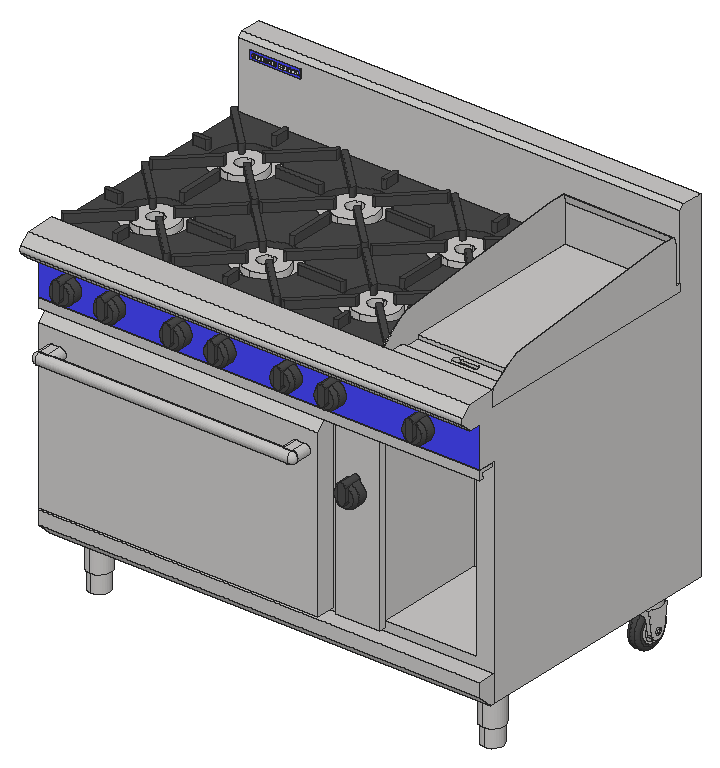
Revit family "QF_MOFFAT_BLUESEAL_CE_G58C", category Specialty Equipment, Revit 2012
Parameters
  Width = 1200 mm
  Weight in Pounds = 584
  Watts = 130 W
  Volts = 230 V
  URL Cutsheet = "www.moffat.com"
  URL = "www.moffat.com"
  Type Mark [instance] = ""
  Status [instance] = ""
  Specification by User [instance] = ""
  Specification by Manufacturer = ""
  Show Logo [instance] = yes
  Show Clearance [instance] = yes
  Show Casters [instance] = yes
  Serial Number = ""
  Seismic Rating = ""
  SMACNA No = ""
  Revision Code [instance] = ""
  Phase = 1
  Omniclass Number and Title = ""
  Number of Poles [instance] = 1
  NAFEM Spec ID Number = ""
  Model = "G58C"
  Min Ckt Ampacity = 0 A
  Mechanical Remarks = ""
  Mechanical Connection Type [instance] = ""
  Max Overcurrent Protection = 0 A
  Masterspec = ""
  Manufacturer = "MOFFAT BLUESEAL"
  Legs [instance] = not(Show Casters)  # no
  Item Number [instance] = ""
  Installed By [instance] = ""
  Identify Quantity as Lot [instance] = yes
  Height = 970 mm
  HP = ""
  Gas Size = 3/4"
  Gas RI Height [instance] = 0 mm
  Gas KW [instance] = 60.5
  Gas Input [instance] = 206624.0 Btu/h
  Gas Connection Height = 0 mm
  Furnished By [instance] = ""
  Foodservice Equipment Identifier [instance] = yes
  FL Amps = 0.6 A
  Electrical Remarks = ""
  Electric Connection Type = ""
  Elec Conn RI Height = 0 mm
  Elec Conn Connection Height = 0 mm
  Description = "1200MM GAS RANGE WITH CONVECTION OVEN"
  Depth = 812 mm
  Cycle = 60 Hz
  Conn Plug = ""
  Conn Conduit = yes
  CSI MasterFormat = ""
  CSI Master Format = ""
  Body Finish = QF_Finishes_Stainless Steel
  Apparent Power = 0 VA
Reference planes
  plane 1 "BACK": y = 0
  plane 2: z = 0
  plane 3 "LEFT": x = 0
  plane 4 "RIGHT": x = 1200
  plane 5 "FRONT": y = -812
  plane 6 "TOP": z = 970
  plane 7 "Center Y": x = 600
  plane 8 "Center X": y = -406
  plane 9: x = 280
  plane 10: y = -574.272
  plane 11: x = 60
  plane 12: y = -304.972
  plane 13: y = -364.972
  plane 14: x = 74
  plane 15: y = -812
  plane 16: x = 1134.5
  plane 17: y = -32
  plane 18: z = 655
  plane 19: x = 65.5
  plane 20: x = 65.8
  plane 21: z = 1085
  plane 22: y = -705
Forms (mm)
  Extrusion 1, solid, material "QF_Finishes_Stainless Steel" <- "Body Finish"
    sketch origin (0, 0, 0) x (0, 1, 0) y (0, 0, 1)
      loop
        line (0, 150) -> (0, 1085) -> (-57.5, 1085) -> (-70, 1072.5) -> (-70, 875) -> (-705, 875) -> (-705, 915) -> (-783.97, 915) -> (-808.49, 890.48)
        arc (-808.49, 890.48) -> (-812.002, 882) -> (-808.49, 873.52) r 11.993
        line (-808.49, 873.52) -> (-784.97, 850) -> (-749, 850) -> (-749, 740) -> (-699, 740) -> (-699, 150) -> (0, 150)
      loop
        line (-749, 222.5) -> (-749, 186) -> (-713, 150) -> (-703.2, 150) -> (-703.2, 222.5) -> (-749, 222.5)
      loop
        line (-749, 713.781) -> (-740.224, 713.781) -> (-742.613, 730.781) -> (-707.93, 730.781) -> (-707.93, 737.784) -> (-749, 737.784) -> (-749, 713.781)
    from 0 to 1200
  Extrusion 2, solid, material "QF_Finishes_Stainless Steel"
    sketch origin (0, 7, 0) x (0, 1, 0) y (0, 0, 1)
      loop
        line (-706, 700) -> (-732, 700) -> (-756, 676) -> (-756, 227.5) -> (-706, 227.5) -> (-706, 700)
    from 0 to 760
  Extrusion 3, solid, material "QF_Finishes_Stainless Steel"
    sketch origin (723.5, 7, 0) x (0, 1, 0) y (0, 0, 1)
      loop
        line (-706, 700) -> (-721, 700) -> (-721, 227.5) -> (-706, 227.5) -> (-706, 700)
    from 56.898 to 176.5
  Revolve 4, solid, material "QF_Finishes_Stainless Steel" <- "Body Finish"
    sketch origin (1134.5, -696.126, 0) x (0, 1, 0) y (0, 0, -1)
      loop
        line (39.376, -150) -> (71.126, -150) -> (71.126, 0) -> (43.626, 0) -> (43.626, -50) -> (39.376, -50) -> (39.376, -150)
      axis (71.126, -150) -> (71.126, 0)
    angle from 0 to 360
  Revolve 5, solid, material "QF_Finishes_Stainless Steel" <- "Body Finish"
    sketch origin (65.5, -696.126, 0) x (0, 1, 0) y (0, 0, 1)
      loop
        line (39.376, 150) -> (39.376, 50) -> (43.626, 50) -> (43.626, 0) -> (71.126, 0) -> (71.126, 150) -> (39.376, 150)
      axis (71.126, 150) -> (71.126, 0)
    angle from 0 to 360
  Extrusion 6, solid, material "QF_Finishes_Stainless Steel"
    sketch origin (-64.5, 0, 325) x (1, 0, 0) y (0, 1, 0)
      loop
        circle (1134.5, -32) r 10
    from 330 to 374.856
  Extrusion 7, void
    sketch origin (0, -699, 150) x (0, 0, -1) y (-1, 0, 0)
      loop
        line (-529.781, -900) -> (-529.781, -1150) -> (-96, -1150) -> (-96, -900) -> (-529.781, -900)
    from 0 to 304.8
  Extrusion 8, solid, material "QF_Finishes_Black"
    sketch origin (0, -70, 875) x (0, -1, 0) y (1, 0, 0)
      loop
        arc (1, 4) -> (1.879, 1.879) -> (4, 1) r 3
        line (4, 1) -> (632, 1)
        arc (632, 1) -> (634.121, 1.879) -> (635, 4) r 3
        line (635, 4) -> (635, 897)
        arc (635, 897) -> (634.121, 899.121) -> (632, 900) r 3
        line (632, 900) -> (4, 900)
        arc (4, 900) -> (1.879, 899.121) -> (1, 897) r 3
        line (1, 897) -> (1, 4)
      loop
        circle (167.5, 150) r 85
      loop
        circle (167.5, 450) r 85
      loop
        circle (467.768, 150) r 85
      loop
        circle (467.768, 450) r 85
      loop
        circle (167.5, 750) r 85
      loop
        circle (467.768, 750) r 85
    from 0 to 19.5
  Extrusion 9, solid, material "QF_Finishes_Black"
    sketch origin (0, -70, 894.5) x (0, -1, 0) y (1, 0, 0)
      loop
        spline (327.102, 15.153) -> (326.181, 13.924) -> (325.631, 12.47) -> (325.49, 10.89) -> (325.767, 9.292) -> (326.443, 7.786) -> (327.473, 6.473) -> (328.786, 5.443) -> (330.292, 4.767) -> (331.89, 4.49) -> (333.47, 4.631) -> (334.924, 5.181) -> (336.153, 6.102)
        line (336.153, 6.102) -> (444.076, 114.025)
        spline (444.076, 114.025) -> (444.837, 115.095) -> (445.238, 116.399) -> (445.251, 117.851) -> (444.875, 119.35) -> (444.137, 120.795) -> (443.086, 122.086) -> (441.795, 123.137) -> (440.35, 123.875) -> (438.851, 124.251) -> (437.399, 124.238) -> (436.095, 123.837) -> (435.025, 123.076)
        line (435.025, 123.076) -> (327.102, 15.153)
      loop
        line (611.398, 15.153) -> (503.475, 123.076)
        spline (503.475, 123.076) -> (502.405, 123.837) -> (501.101, 124.238) -> (499.649, 124.251) -> (498.15, 123.875) -> (496.705, 123.137) -> (495.414, 122.086) -> (494.363, 120.795) -> (493.625, 119.35) -> (493.249, 117.851) -> (493.262, 116.399) -> (493.663, 115.095) -> (494.424, 114.025)
        line (494.424, 114.025) -> (602.347, 6.102)
        spline (602.347, 6.102) -> (603.416, 5.341) -> (604.721, 4.941) -> (606.172, 4.928) -> (607.671, 5.303) -> (609.116, 6.041) -> (610.408, 7.092) -> (611.459, 8.384) -> (612.197, 9.829) -> (612.572, 11.328) -> (612.559, 12.779) -> (612.159, 14.084) -> (611.398, 15.153)
      loop
        spline (379.102, 143.6) -> (380.396, 143.818) -> (381.602, 144.457) -> (382.638, 145.475) -> (383.432, 146.8) -> (383.932, 148.344) -> (384.102, 150) -> (383.932, 151.656) -> (383.432, 153.2) -> (382.638, 154.525) -> (381.602, 155.543) -> (380.396, 156.182) -> (379.102, 156.4)
        line (379.102, 156.4) -> (259.398, 156.4)
        spline (259.398, 156.4) -> (258.104, 156.182) -> (256.898, 155.543) -> (255.862, 154.525) -> (255.068, 153.2) -> (254.568, 151.656) -> (254.398, 150) -> (254.568, 148.344) -> (255.068, 146.8) -> (255.862, 145.475) -> (256.898, 144.457) -> (258.104, 143.818) -> (259.398, 143.6)
        line (259.398, 143.6) -> (379.102, 143.6)
      loop
        spline (23.602, 15.153) -> (22.681, 13.924) -> (22.131, 12.47) -> (21.99, 10.89) -> (22.267, 9.292) -> (22.943, 7.786) -> (23.973, 6.473) -> (25.286, 5.443) -> (26.792, 4.767) -> (28.39, 4.49) -> (29.97, 4.631) -> (31.424, 5.181) -> (32.653, 6.102)
        line (32.653, 6.102) -> (140.576, 114.025)
        spline (140.576, 114.025) -> (141.337, 115.095) -> (141.738, 116.399) -> (141.751, 117.851) -> (141.375, 119.35) -> (140.637, 120.795) -> (139.586, 122.086) -> (138.295, 123.137) -> (136.85, 123.875) -> (135.351, 124.251) -> (133.899, 124.238) -> (132.595, 123.837) -> (131.525, 123.076)
        line (131.525, 123.076) -> (23.602, 15.153)
      loop
        line (311.398, 15.153) -> (203.475, 123.076)
        spline (203.475, 123.076) -> (202.405, 123.837) -> (201.101, 124.238) -> (199.649, 124.251) -> (198.15, 123.875) -> (196.705, 123.137) -> (195.414, 122.086) -> (194.363, 120.795) -> (193.625, 119.35) -> (193.249, 117.851) -> (193.262, 116.399) -> (193.663, 115.095) -> (194.424, 114.025)
        line (194.424, 114.025) -> (302.347, 6.102)
        spline (302.347, 6.102) -> (303.416, 5.341) -> (304.721, 4.941) -> (306.172, 4.928) -> (307.671, 5.303) -> (309.116, 6.041) -> (310.408, 7.092) -> (311.459, 8.384) -> (312.197, 9.829) -> (312.572, 11.328) -> (312.559, 12.779) -> (312.159, 14.084) -> (311.398, 15.153)
      loop
        line (327.102, 284.847) -> (435.025, 176.924)
        spline (435.025, 176.924) -> (436.095, 176.163) -> (437.399, 175.762) -> (438.851, 175.749) -> (440.35, 176.125) -> (441.795, 176.863) -> (443.086, 177.914) -> (444.137, 179.205) -> (444.875, 180.65) -> (445.251, 182.149) -> (445.238, 183.601) -> (444.837, 184.905) -> (444.076, 185.975)
        line (444.076, 185.975) -> (336.153, 293.898)
        spline (336.153, 293.898) -> (334.924, 294.819) -> (333.47, 295.369) -> (331.89, 295.51) -> (330.292, 295.233) -> (328.786, 294.557) -> (327.473, 293.527) -> (326.443, 292.214) -> (325.767, 290.708) -> (325.49, 289.11) -> (325.631, 287.53) -> (326.181, 286.076) -> (327.102, 284.847)
      loop
        spline (611.398, 284.847) -> (612.159, 285.916) -> (612.559, 287.221) -> (612.572, 288.672) -> (612.197, 290.171) -> (611.459, 291.616) -> (610.408, 292.908) -> (609.116, 293.959) -> (607.671, 294.697) -> (606.172, 295.072) -> (604.721, 295.059) -> (603.416, 294.659) -> (602.347, 293.898)
        line (602.347, 293.898) -> (494.424, 185.975)
        spline (494.424, 185.975) -> (493.663, 184.905) -> (493.262, 183.601) -> (493.249, 182.149) -> (493.625, 180.65) -> (494.363, 179.205) -> (495.414, 177.914) -> (496.705, 176.863) -> (498.15, 176.125) -> (499.649, 175.749) -> (501.101, 175.762) -> (502.405, 176.163) -> (503.475, 176.924)
        line (503.475, 176.924) -> (611.398, 284.847)
      loop
        spline (461.1, 241.898) -> (461.318, 240.604) -> (461.957, 239.398) -> (462.975, 238.362) -> (464.3, 237.568) -> (465.844, 237.068) -> (467.5, 236.898) -> (469.156, 237.068) -> (470.7, 237.568) -> (472.025, 238.362) -> (473.043, 239.398) -> (473.682, 240.604) -> (473.9, 241.898)
        line (473.9, 241.898) -> (473.9, 358.102)
        spline (473.9, 358.102) -> (473.682, 359.396) -> (473.043, 360.602) -> (472.025, 361.638) -> (470.7, 362.432) -> (469.156, 362.932) -> (467.5, 363.102) -> (465.844, 362.932) -> (464.3, 362.432) -> (462.975, 361.638) -> (461.957, 360.602) -> (461.318, 359.396) -> (461.1, 358.102)
        line (461.1, 358.102) -> (461.1, 241.898)
      loop
        line (23.602, 284.847) -> (131.525, 176.924)
        spline (131.525, 176.924) -> (132.595, 176.163) -> (133.899, 175.762) -> (135.351, 175.749) -> (136.85, 176.125) -> (138.295, 176.863) -> (139.586, 177.914) -> (140.637, 179.205) -> (141.375, 180.65) -> (141.751, 182.149) -> (141.738, 183.601) -> (141.337, 184.905) -> (140.576, 185.975)
        line (140.576, 185.975) -> (32.653, 293.898)
        spline (32.653, 293.898) -> (31.424, 294.819) -> (29.97, 295.369) -> (28.39, 295.51) -> (26.792, 295.233) -> (25.286, 294.557) -> (23.973, 293.527) -> (22.943, 292.214) -> (22.267, 290.708) -> (21.99, 289.11) -> (22.131, 287.53) -> (22.681, 286.076) -> (23.602, 284.847)
      loop
        spline (311.398, 284.847) -> (312.159, 285.916) -> (312.559, 287.221) -> (312.572, 288.672) -> (312.197, 290.171) -> (311.459, 291.616) -> (310.408, 292.908) -> (309.116, 293.959) -> (307.671, 294.697) -> (306.172, 295.072) -> (304.721, 295.059) -> (303.416, 294.659) -> (302.347, 293.898)
        line (302.347, 293.898) -> (194.424, 185.975)
        spline (194.424, 185.975) -> (193.663, 184.905) -> (193.262, 183.601) -> (193.249, 182.149) -> (193.625, 180.65) -> (194.363, 179.205) -> (195.414, 177.914) -> (196.705, 176.863) -> (198.15, 176.125) -> (199.649, 175.749) -> (201.101, 175.762) -> (202.405, 176.163) -> (203.475, 176.924)
        line (203.475, 176.924) -> (311.398, 284.847)
      loop
        spline (161.1, 241.898) -> (161.318, 240.604) -> (161.957, 239.398) -> (162.975, 238.362) -> (164.3, 237.568) -> (165.844, 237.068) -> (167.5, 236.898) -> (169.156, 237.068) -> (170.7, 237.568) -> (172.025, 238.362) -> (173.043, 239.398) -> (173.682, 240.604) -> (173.9, 241.898)
        line (173.9, 241.898) -> (173.9, 358.102)
        spline (173.9, 358.102) -> (173.682, 359.396) -> (173.043, 360.602) -> (172.025, 361.638) -> (170.7, 362.432) -> (169.156, 362.932) -> (167.5, 363.102) -> (165.844, 362.932) -> (164.3, 362.432) -> (162.975, 361.638) -> (161.957, 360.602) -> (161.318, 359.396) -> (161.1, 358.102)
        line (161.1, 358.102) -> (161.1, 241.898)
      loop
        line (379.102, 456.4) -> (259.398, 456.4)
        spline (259.398, 456.4) -> (258.104, 456.182) -> (256.898, 455.543) -> (255.862, 454.525) -> (255.068, 453.2) -> (254.568, 451.656) -> (254.398, 450) -> (254.568, 448.344) -> (255.068, 446.8) -> (255.862, 445.475) -> (256.898, 444.457) -> (258.104, 443.818) -> (259.398, 443.6)
        line (259.398, 443.6) -> (379.102, 443.6)
        spline (379.102, 443.6) -> (380.396, 443.818) -> (381.602, 444.457) -> (382.638, 445.475) -> (383.432, 446.8) -> (383.932, 448.344) -> (384.102, 450) -> (383.932, 451.656) -> (383.432, 453.2) -> (382.638, 454.525) -> (381.602, 455.543) -> (380.396, 456.182) -> (379.102, 456.4)
      loop
        spline (327.102, 315.153) -> (326.181, 313.924) -> (325.631, 312.47) -> (325.49, 310.89) -> (325.767, 309.292) -> (326.443, 307.786) -> (327.473, 306.473) -> (328.786, 305.443) -> (330.292, 304.767) -> (331.89, 304.49) -> (333.47, 304.631) -> (334.924, 305.181) -> (336.153, 306.102)
        line (336.153, 306.102) -> (444.076, 414.025)
        spline (444.076, 414.025) -> (444.837, 415.095) -> (445.238, 416.399) -> (445.251, 417.851) -> (444.875, 419.35) -> (444.137, 420.795) -> (443.086, 422.086) -> (441.795, 423.137) -> (440.35, 423.875) -> (438.851, 424.251) -> (437.399, 424.238) -> (436.095, 423.837) -> (435.025, 423.076)
        line (435.025, 423.076) -> (327.102, 315.153)
      loop
        line (611.398, 315.153) -> (503.475, 423.076)
        spline (503.475, 423.076) -> (502.405, 423.837) -> (501.101, 424.238) -> (499.649, 424.251) -> (498.15, 423.875) -> (496.705, 423.137) -> (495.414, 422.086) -> (494.363, 420.795) -> (493.625, 419.35) -> (493.249, 417.851) -> (493.262, 416.399) -> (493.663, 415.095) -> (494.424, 414.025)
        line (494.424, 414.025) -> (602.347, 306.102)
        spline (602.347, 306.102) -> (603.416, 305.341) -> (604.721, 304.941) -> (606.172, 304.928) -> (607.671, 305.303) -> (609.116, 306.041) -> (610.408, 307.092) -> (611.459, 308.384) -> (612.197, 309.829) -> (612.572, 311.328) -> (612.559, 312.779) -> (612.159, 314.084) -> (611.398, 315.153)
      loop
        spline (23.602, 315.153) -> (22.681, 313.924) -> (22.131, 312.47) -> (21.99, 310.89) -> (22.267, 309.292) -> (22.943, 307.786) -> (23.973, 306.473) -> (25.286, 305.443) -> (26.792, 304.767) -> (28.39, 304.49) -> (29.97, 304.631) -> (31.424, 305.181) -> (32.653, 306.102)
        line (32.653, 306.102) -> (140.576, 414.025)
        spline (140.576, 414.025) -> (141.337, 415.095) -> (141.738, 416.399) -> (141.751, 417.851) -> (141.375, 419.35) -> (140.637, 420.795) -> (139.586, 422.086) -> (138.295, 423.137) -> (136.85, 423.875) -> (135.351, 424.251) -> (133.899, 424.238) -> (132.595, 423.837) -> (131.525, 423.076)
        line (131.525, 423.076) -> (23.602, 315.153)
      loop
        line (311.398, 315.153) -> (203.475, 423.076)
        spline (203.475, 423.076) -> (202.405, 423.837) -> (201.101, 424.238) -> (199.649, 424.251) -> (198.15, 423.875) -> (196.705, 423.137) -> (195.414, 422.086) -> (194.363, 420.795) -> (193.625, 419.35) -> (193.249, 417.851) -> (193.262, 416.399) -> (193.663, 415.095) -> (194.424, 414.025)
        line (194.424, 414.025) -> (302.347, 306.102)
        spline (302.347, 306.102) -> (303.416, 305.341) -> (304.721, 304.941) -> (306.172, 304.928) -> (307.671, 305.303) -> (309.116, 306.041) -> (310.408, 307.092) -> (311.459, 308.384) -> (312.197, 309.829) -> (312.572, 311.328) -> (312.559, 312.779) -> (312.159, 314.084) -> (311.398, 315.153)
      loop
        line (327.102, 584.847) -> (435.025, 476.924)
        spline (435.025, 476.924) -> (436.095, 476.163) -> (437.399, 475.762) -> (438.851, 475.749) -> (440.35, 476.125) -> (441.795, 476.863) -> (443.086, 477.914) -> (444.137, 479.205) -> (444.875, 480.65) -> (445.251, 482.149) -> (445.238, 483.601) -> (444.837, 484.905) -> (444.076, 485.975)
        line (444.076, 485.975) -> (336.153, 593.898)
        spline (336.153, 593.898) -> (334.924, 594.819) -> (333.47, 595.369) -> (331.89, 595.51) -> (330.292, 595.233) -> (328.786, 594.557) -> (327.473, 593.527) -> (326.443, 592.214) -> (325.767, 590.708) -> (325.49, 589.11) -> (325.631, 587.53) -> (326.181, 586.076) -> (327.102, 584.847)
      loop
        spline (611.398, 584.847) -> (612.159, 585.916) -> (612.559, 587.221) -> (612.572, 588.672) -> (612.197, 590.171) -> (611.459, 591.616) -> (610.408, 592.908) -> (609.116, 593.959) -> (607.671, 594.697) -> (606.172, 595.072) -> (604.721, 595.059) -> (603.416, 594.659) -> (602.347, 593.898)
        line (602.347, 593.898) -> (494.424, 485.975)
        spline (494.424, 485.975) -> (493.663, 484.905) -> (493.262, 483.601) -> (493.249, 482.149) -> (493.625, 480.65) -> (494.363, 479.205) -> (495.414, 477.914) -> (496.705, 476.863) -> (498.15, 476.125) -> (499.649, 475.749) -> (501.101, 475.762) -> (502.405, 476.163) -> (503.475, 476.924)
        line (503.475, 476.924) -> (611.398, 584.847)
      loop
        line (23.602, 584.847) -> (131.525, 476.924)
        spline (131.525, 476.924) -> (132.595, 476.163) -> (133.899, 475.762) -> (135.351, 475.749) -> (136.85, 476.125) -> (138.295, 476.863) -> (139.586, 477.914) -> (140.637, 479.205) -> (141.375, 480.65) -> (141.751, 482.149) -> (141.738, 483.601) -> (141.337, 484.905) -> (140.576, 485.975)
        line (140.576, 485.975) -> (32.653, 593.898)
        spline (32.653, 593.898) -> (31.424, 594.819) -> (29.97, 595.369) -> (28.39, 595.51) -> (26.792, 595.233) -> (25.286, 594.557) -> (23.973, 593.527) -> (22.943, 592.214) -> (22.267, 590.708) -> (21.99, 589.11) -> (22.131, 587.53) -> (22.681, 586.076) -> (23.602, 584.847)
      loop
        spline (311.398, 584.847) -> (312.159, 585.916) -> (312.559, 587.221) -> (312.572, 588.672) -> (312.197, 590.171) -> (311.459, 591.616) -> (310.408, 592.908) -> (309.116, 593.959) -> (307.671, 594.697) -> (306.172, 595.072) -> (304.721, 595.059) -> (303.416, 594.659) -> (302.347, 593.898)
        line (302.347, 593.898) -> (194.424, 485.975)
        spline (194.424, 485.975) -> (193.663, 484.905) -> (193.262, 483.601) -> (193.249, 482.149) -> (193.625, 480.65) -> (194.363, 479.205) -> (195.414, 477.914) -> (196.705, 476.863) -> (198.15, 476.125) -> (199.649, 475.749) -> (201.101, 475.762) -> (202.405, 476.163) -> (203.475, 476.924)
        line (203.475, 476.924) -> (311.398, 584.847)
      loop
        spline (461.1, 541.898) -> (461.318, 540.604) -> (461.957, 539.398) -> (462.975, 538.362) -> (464.3, 537.568) -> (465.844, 537.068) -> (467.5, 536.898) -> (469.156, 537.068) -> (470.7, 537.568) -> (472.025, 538.362) -> (473.043, 539.398) -> (473.682, 540.604) -> (473.9, 541.898)
        line (473.9, 541.898) -> (473.9, 658.102)
        spline (473.9, 658.102) -> (473.682, 659.396) -> (473.043, 660.602) -> (472.025, 661.638) -> (470.7, 662.432) -> (469.156, 662.932) -> (467.5, 663.102) -> (465.844, 662.932) -> (464.3, 662.432) -> (462.975, 661.638) -> (461.957, 660.602) -> (461.318, 659.396) -> (461.1, 658.102)
        line (461.1, 658.102) -> (461.1, 541.898)
      loop
        spline (161.1, 541.898) -> (161.318, 540.604) -> (161.957, 539.398) -> (162.975, 538.362) -> (164.3, 537.568) -> (165.844, 537.068) -> (167.5, 536.898) -> (169.156, 537.068) -> (170.7, 537.568) -> (172.025, 538.362) -> (173.043, 539.398) -> (173.682, 540.604) -> (173.9, 541.898)
        line (173.9, 541.898) -> (173.9, 658.102)
        spline (173.9, 658.102) -> (173.682, 659.396) -> (173.043, 660.602) -> (172.025, 661.638) -> (170.7, 662.432) -> (169.156, 662.932) -> (167.5, 663.102) -> (165.844, 662.932) -> (164.3, 662.432) -> (162.975, 661.638) -> (161.957, 660.602) -> (161.318, 659.396) -> (161.1, 658.102)
        line (161.1, 658.102) -> (161.1, 541.898)
      loop
        line (379.102, 756.4) -> (259.398, 756.4)
        spline (259.398, 756.4) -> (258.104, 756.182) -> (256.898, 755.543) -> (255.862, 754.525) -> (255.068, 753.2) -> (254.568, 751.656) -> (254.398, 750) -> (254.568, 748.344) -> (255.068, 746.8) -> (255.862, 745.475) -> (256.898, 744.457) -> (258.104, 743.818) -> (259.398, 743.6)
        line (259.398, 743.6) -> (379.102, 743.6)
        spline (379.102, 743.6) -> (380.396, 743.818) -> (381.602, 744.457) -> (382.638, 745.475) -> (383.432, 746.8) -> (383.932, 748.344) -> (384.102, 750) -> (383.932, 751.656) -> (383.432, 753.2) -> (382.638, 754.525) -> (381.602, 755.543) -> (380.396, 756.182) -> (379.102, 756.4)
      loop
        spline (327.102, 615.153) -> (326.181, 613.924) -> (325.631, 612.47) -> (325.49, 610.89) -> (325.767, 609.292) -> (326.443, 607.786) -> (327.473, 606.473) -> (328.786, 605.443) -> (330.292, 604.767) -> (331.89, 604.49) -> (333.47, 604.631) -> (334.924, 605.181) -> (336.153, 606.102)
        line (336.153, 606.102) -> (444.076, 714.025)
        spline (444.076, 714.025) -> (444.837, 715.095) -> (445.238, 716.399) -> (445.251, 717.851) -> (444.875, 719.35) -> (444.137, 720.795) -> (443.086, 722.086) -> (441.795, 723.137) -> (440.35, 723.875) -> (438.851, 724.251) -> (437.399, 724.238) -> (436.095, 723.837) -> (435.025, 723.076)
        line (435.025, 723.076) -> (327.102, 615.153)
      loop
        line (611.398, 615.153) -> (503.475, 723.076)
        spline (503.475, 723.076) -> (502.405, 723.837) -> (501.101, 724.238) -> (499.649, 724.251) -> (498.15, 723.875) -> (496.705, 723.137) -> (495.414, 722.086) -> (494.363, 720.795) -> (493.625, 719.35) -> (493.249, 717.851) -> (493.262, 716.399) -> (493.663, 715.095) -> (494.424, 714.025)
        line (494.424, 714.025) -> (602.347, 606.102)
        spline (602.347, 606.102) -> (603.416, 605.341) -> (604.721, 604.941) -> (606.172, 604.928) -> (607.671, 605.303) -> (609.116, 606.041) -> (610.408, 607.092) -> (611.459, 608.384) -> (612.197, 609.829) -> (612.572, 611.328) -> (612.559, 612.779) -> (612.159, 614.084) -> (611.398, 615.153)
      loop
        spline (23.602, 615.153) -> (22.681, 613.924) -> (22.131, 612.47) -> (21.99, 610.89) -> (22.267, 609.292) -> (22.943, 607.786) -> (23.973, 606.473) -> (25.286, 605.443) -> (26.792, 604.767) -> (28.39, 604.49) -> (29.97, 604.631) -> (31.424, 605.181) -> (32.653, 606.102)
        line (32.653, 606.102) -> (140.576, 714.025)
        spline (140.576, 714.025) -> (141.337, 715.095) -> (141.738, 716.399) -> (141.751, 717.851) -> (141.375, 719.35) -> (140.637, 720.795) -> (139.586, 722.086) -> (138.295, 723.137) -> (136.85, 723.875) -> (135.351, 724.251) -> (133.899, 724.238) -> (132.595, 723.837) -> (131.525, 723.076)
        line (131.525, 723.076) -> (23.602, 615.153)
      loop
        line (311.398, 615.153) -> (203.475, 723.076)
        spline (203.475, 723.076) -> (202.405, 723.837) -> (201.101, 724.238) -> (199.649, 724.251) -> (198.15, 723.875) -> (196.705, 723.137) -> (195.414, 722.086) -> (194.363, 720.795) -> (193.625, 719.35) -> (193.249, 717.851) -> (193.262, 716.399) -> (193.663, 715.095) -> (194.424, 714.025)
        line (194.424, 714.025) -> (302.347, 606.102)
        spline (302.347, 606.102) -> (303.416, 605.341) -> (304.721, 604.941) -> (306.172, 604.928) -> (307.671, 605.303) -> (309.116, 606.041) -> (310.408, 607.092) -> (311.459, 608.384) -> (312.197, 609.829) -> (312.572, 611.328) -> (312.559, 612.779) -> (312.159, 614.084) -> (311.398, 615.153)
      loop
        line (327.102, 884.847) -> (435.025, 776.924)
        spline (435.025, 776.924) -> (436.095, 776.163) -> (437.399, 775.762) -> (438.851, 775.749) -> (440.35, 776.125) -> (441.795, 776.863) -> (443.086, 777.914) -> (444.137, 779.205) -> (444.875, 780.65) -> (445.251, 782.149) -> (445.238, 783.601) -> (444.837, 784.905) -> (444.076, 785.975)
        line (444.076, 785.975) -> (336.153, 893.898)
        spline (336.153, 893.898) -> (334.924, 894.819) -> (333.47, 895.369) -> (331.89, 895.51) -> (330.292, 895.233) -> (328.786, 894.557) -> (327.473, 893.527) -> (326.443, 892.214) -> (325.767, 890.708) -> (325.49, 889.11) -> (325.631, 887.53) -> (326.181, 886.076) -> (327.102, 884.847)
      loop
        spline (611.398, 884.847) -> (612.159, 885.916) -> (612.559, 887.221) -> (612.572, 888.672) -> (612.197, 890.171) -> (611.459, 891.616) -> (610.408, 892.908) -> (609.116, 893.959) -> (607.671, 894.697) -> (606.172, 895.072) -> (604.721, 895.059) -> (603.416, 894.659) -> (602.347, 893.898)
        line (602.347, 893.898) -> (494.424, 785.975)
        spline (494.424, 785.975) -> (493.663, 784.905) -> (493.262, 783.601) -> (493.249, 782.149) -> (493.625, 780.65) -> (494.363, 779.205) -> (495.414, 777.914) -> (496.705, 776.863) -> (498.15, 776.125) -> (499.649, 775.749) -> (501.101, 775.762) -> (502.405, 776.163) -> (503.475, 776.924)
        line (503.475, 776.924) -> (611.398, 884.847)
      loop
        line (23.602, 884.847) -> (131.525, 776.924)
        spline (131.525, 776.924) -> (132.595, 776.163) -> (133.899, 775.762) -> (135.351, 775.749) -> (136.85, 776.125) -> (138.295, 776.863) -> (139.586, 777.914) -> (140.637, 779.205) -> (141.375, 780.65) -> (141.751, 782.149) -> (141.738, 783.601) -> (141.337, 784.905) -> (140.576, 785.975)
        line (140.576, 785.975) -> (32.653, 893.898)
        spline (32.653, 893.898) -> (31.424, 894.819) -> (29.97, 895.369) -> (28.39, 895.51) -> (26.792, 895.233) -> (25.286, 894.557) -> (23.973, 893.527) -> (22.943, 892.214) -> (22.267, 890.708) -> (21.99, 889.11) -> (22.131, 887.53) -> (22.681, 886.076) -> (23.602, 884.847)
      loop
        spline (311.398, 884.847) -> (312.159, 885.916) -> (312.559, 887.221) -> (312.572, 888.672) -> (312.197, 890.171) -> (311.459, 891.616) -> (310.408, 892.908) -> (309.116, 893.959) -> (307.671, 894.697) -> (306.172, 895.072) -> (304.721, 895.059) -> (303.416, 894.659) -> (302.347, 893.898)
        line (302.347, 893.898) -> (194.424, 785.975)
        spline (194.424, 785.975) -> (193.663, 784.905) -> (193.262, 783.601) -> (193.249, 782.149) -> (193.625, 780.65) -> (194.363, 779.205) -> (195.414, 777.914) -> (196.705, 776.863) -> (198.15, 776.125) -> (199.649, 775.749) -> (201.101, 775.762) -> (202.405, 776.163) -> (203.475, 776.924)
        line (203.475, 776.924) -> (311.398, 884.847)
      loop
        spline (473.9, 891.872) -> (473.682, 893.166) -> (473.043, 894.372) -> (472.025, 895.407) -> (470.7, 896.202) -> (469.156, 896.701) -> (467.5, 896.872) -> (465.844, 896.701) -> (464.3, 896.202) -> (462.975, 895.407) -> (461.957, 894.372) -> (461.318, 893.166) -> (461.1, 891.872)
        line (461.1, 891.872) -> (461.1, 841.898)
        spline (461.1, 841.898) -> (461.318, 840.604) -> (461.957, 839.398) -> (462.975, 838.362) -> (464.3, 837.568) -> (465.844, 837.068) -> (467.5, 836.898) -> (469.156, 837.068) -> (470.7, 837.568) -> (472.025, 838.362) -> (473.043, 839.398) -> (473.682, 840.604) -> (473.9, 841.898)
        line (473.9, 841.898) -> (473.9, 891.872)
      loop
        spline (173.9, 891.872) -> (173.682, 893.166) -> (173.043, 894.372) -> (172.025, 895.407) -> (170.7, 896.202) -> (169.156, 896.701) -> (167.5, 896.872) -> (165.844, 896.701) -> (164.3, 896.202) -> (162.975, 895.407) -> (161.957, 894.372) -> (161.318, 893.166) -> (161.1, 891.872)
        line (161.1, 891.872) -> (161.1, 841.898)
        spline (161.1, 841.898) -> (161.318, 840.604) -> (161.957, 839.398) -> (162.975, 838.362) -> (164.3, 837.568) -> (165.844, 837.068) -> (167.5, 836.898) -> (169.156, 837.068) -> (170.7, 837.568) -> (172.025, 838.362) -> (173.043, 839.398) -> (173.682, 840.604) -> (173.9, 841.898)
        line (173.9, 841.898) -> (173.9, 891.872)
      loop
        spline (65.602, 143.6) -> (66.896, 143.818) -> (68.102, 144.457) -> (69.138, 145.475) -> (69.932, 146.8) -> (70.432, 148.344) -> (70.602, 150) -> (70.432, 151.656) -> (69.932, 153.2) -> (69.138, 154.525) -> (68.102, 155.543) -> (66.896, 156.182) -> (65.602, 156.4)
        line (65.602, 156.4) -> (29.398, 156.4)
        spline (29.398, 156.4) -> (28.104, 156.182) -> (26.898, 155.543) -> (25.862, 154.525) -> (25.068, 153.2) -> (24.568, 151.656) -> (24.398, 150) -> (24.568, 148.344) -> (25.068, 146.8) -> (25.862, 145.475) -> (26.898, 144.457) -> (28.104, 143.818) -> (29.398, 143.6)
        line (29.398, 143.6) -> (65.602, 143.6)
      loop
        spline (65.602, 443.6) -> (66.896, 443.818) -> (68.102, 444.457) -> (69.138, 445.475) -> (69.932, 446.8) -> (70.432, 448.344) -> (70.602, 450) -> (70.432, 451.656) -> (69.932, 453.2) -> (69.138, 454.525) -> (68.102, 455.543) -> (66.896, 456.182) -> (65.602, 456.4)
        line (65.602, 456.4) -> (29.398, 456.4)
        spline (29.398, 456.4) -> (28.104, 456.182) -> (26.898, 455.543) -> (25.862, 454.525) -> (25.068, 453.2) -> (24.568, 451.656) -> (24.398, 450) -> (24.568, 448.344) -> (25.068, 446.8) -> (25.862, 445.475) -> (26.898, 444.457) -> (28.104, 443.818) -> (29.398, 443.6)
        line (29.398, 443.6) -> (65.602, 443.6)
      loop
        spline (65.602, 743.6) -> (66.896, 743.818) -> (68.102, 744.457) -> (69.138, 745.475) -> (69.932, 746.8) -> (70.432, 748.344) -> (70.602, 750) -> (70.432, 751.656) -> (69.932, 753.2) -> (69.138, 754.525) -> (68.102, 755.543) -> (66.896, 756.182) -> (65.602, 756.4)
        line (65.602, 756.4) -> (29.398, 756.4)
        spline (29.398, 756.4) -> (28.104, 756.182) -> (26.898, 755.543) -> (25.862, 754.525) -> (25.068, 753.2) -> (24.568, 751.656) -> (24.398, 750) -> (24.568, 748.344) -> (25.068, 746.8) -> (25.862, 745.475) -> (26.898, 744.457) -> (28.104, 743.818) -> (29.398, 743.6)
        line (29.398, 743.6) -> (65.602, 743.6)
      loop
        spline (605.602, 143.6) -> (606.896, 143.818) -> (608.102, 144.457) -> (609.138, 145.475) -> (609.932, 146.8) -> (610.432, 148.344) -> (610.602, 150) -> (610.432, 151.656) -> (609.932, 153.2) -> (609.138, 154.525) -> (608.102, 155.543) -> (606.896, 156.182) -> (605.602, 156.4)
        line (605.602, 156.4) -> (569.398, 156.4)
        spline (569.398, 156.4) -> (568.104, 156.182) -> (566.898, 155.543) -> (565.862, 154.525) -> (565.068, 153.2) -> (564.568, 151.656) -> (564.398, 150) -> (564.568, 148.344) -> (565.068, 146.8) -> (565.862, 145.475) -> (566.898, 144.457) -> (568.104, 143.818) -> (569.398, 143.6)
        line (569.398, 143.6) -> (605.602, 143.6)
      loop
        spline (605.602, 443.6) -> (606.896, 443.818) -> (608.102, 444.457) -> (609.138, 445.475) -> (609.932, 446.8) -> (610.432, 448.344) -> (610.602, 450) -> (610.432, 451.656) -> (609.932, 453.2) -> (609.138, 454.525) -> (608.102, 455.543) -> (606.896, 456.182) -> (605.602, 456.4)
        line (605.602, 456.4) -> (569.398, 456.4)
        spline (569.398, 456.4) -> (568.104, 456.182) -> (566.898, 455.543) -> (565.862, 454.525) -> (565.068, 453.2) -> (564.568, 451.656) -> (564.398, 450) -> (564.568, 448.344) -> (565.068, 446.8) -> (565.862, 445.475) -> (566.898, 444.457) -> (568.104, 443.818) -> (569.398, 443.6)
        line (569.398, 443.6) -> (605.602, 443.6)
      loop
        spline (605.602, 743.6) -> (606.896, 743.818) -> (608.102, 744.457) -> (609.138, 745.475) -> (609.932, 746.8) -> (610.432, 748.344) -> (610.602, 750) -> (610.432, 751.656) -> (609.932, 753.2) -> (609.138, 754.525) -> (608.102, 755.543) -> (606.896, 756.182) -> (605.602, 756.4)
        line (605.602, 756.4) -> (569.398, 756.4)
        spline (569.398, 756.4) -> (568.104, 756.182) -> (566.898, 755.543) -> (565.862, 754.525) -> (565.068, 753.2) -> (564.568, 751.656) -> (564.398, 750) -> (564.568, 748.344) -> (565.068, 746.8) -> (565.862, 745.475) -> (566.898, 744.457) -> (568.104, 743.818) -> (569.398, 743.6)
        line (569.398, 743.6) -> (605.602, 743.6)
      loop
        line (460.626, 50.584) -> (460.626, 16.591)
        spline (460.626, 16.591) -> (460.844, 15.297) -> (461.483, 14.091) -> (462.501, 13.055) -> (463.826, 12.261) -> (465.37, 11.761) -> (467.026, 11.591) -> (468.682, 11.761) -> (470.226, 12.261) -> (471.551, 13.055) -> (472.569, 14.091) -> (473.208, 15.297) -> (473.426, 16.591)
        line (473.426, 16.591) -> (473.426, 50.584)
        spline (473.426, 50.584) -> (473.208, 51.878) -> (472.569, 53.084) -> (471.551, 54.119) -> (470.226, 54.914) -> (468.682, 55.413) -> (467.026, 55.584) -> (465.37, 55.413) -> (463.826, 54.914) -> (462.501, 54.119) -> (461.483, 53.084) -> (460.844, 51.878) -> (460.626, 50.584)
      loop
        line (160.11, 50.584) -> (160.11, 16.591)
        spline (160.11, 16.591) -> (160.328, 15.297) -> (160.967, 14.091) -> (161.984, 13.055) -> (163.31, 12.261) -> (164.853, 11.761) -> (166.51, 11.591) -> (168.166, 11.761) -> (169.71, 12.261) -> (171.035, 13.055) -> (172.052, 14.091) -> (172.692, 15.297) -> (172.91, 16.591)
        line (172.91, 16.591) -> (172.91, 50.584)
        spline (172.91, 50.584) -> (172.692, 51.878) -> (172.052, 53.084) -> (171.035, 54.119) -> (169.71, 54.914) -> (168.166, 55.413) -> (166.51, 55.584) -> (164.853, 55.413) -> (163.31, 54.914) -> (161.984, 54.119) -> (160.967, 53.084) -> (160.328, 51.878) -> (160.11, 50.584)
    from 0 to 23.5
  Revolve 10, solid, material "QF_Finishes_Black"
    sketch origin (810.601, 45.874, -0.118) x (0, 1, 0) y (0, 0, 1)
      loop
        line (-827.874, 829.5) -> (-838.874, 823.651) -> (-838.874, 797) -> (-794.874, 797) -> (-794.874, 802) -> (-804.874, 802) -> (-804.874, 829.5) -> (-827.874, 829.5)
      axis (-838.874, 797) -> (-794.874, 797)
    angle from 0 to 360
  Revolve 11, solid, material "QF_Finishes_Black"
    sketch origin (690.601, 45.874, -0.118) x (0, 1, 0) y (0, 0, 1)
      loop
        line (-827.874, 829.5) -> (-838.874, 823.651) -> (-838.874, 797) -> (-794.874, 797) -> (-794.874, 802) -> (-804.874, 802) -> (-804.874, 829.5) -> (-827.874, 829.5)
      axis (-838.874, 797) -> (-794.874, 797)
    angle from 0 to 360
  Revolve 12, solid, material "QF_Finishes_Black"
    sketch origin (90.649, 45.874, -0.118) x (0, 1, 0) y (0, 0, -1)
      loop
        line (-827.874, -829.5) -> (-804.874, -829.5) -> (-804.874, -802) -> (-794.874, -802) -> (-794.874, -797) -> (-838.874, -797) -> (-838.874, -823.651) -> (-827.874, -829.5)
      axis (-838.874, -797) -> (-794.874, -797)
    angle from 0 to 360
  Revolve 13, solid, material "QF_Finishes_Black"
    sketch origin (210.649, 45.874, -0.118) x (0, 1, 0) y (0, 0, -1)
      loop
        line (-827.874, -829.5) -> (-804.874, -829.5) -> (-804.874, -802) -> (-794.874, -802) -> (-794.874, -797) -> (-838.874, -797) -> (-838.874, -823.651) -> (-827.874, -829.5)
      axis (-838.874, -797) -> (-794.874, -797)
    angle from 0 to 360
  Revolve 14, solid, material "QF_Finishes_Black"
    sketch origin (390.625, 45.874, -0.118) x (0, 1, 0) y (0, 0, -1)
      loop
        line (-827.874, -829.5) -> (-804.874, -829.5) -> (-804.874, -802) -> (-794.874, -802) -> (-794.874, -797) -> (-838.874, -797) -> (-838.874, -823.651) -> (-827.874, -829.5)
      axis (-838.874, -797) -> (-794.874, -797)
    angle from 0 to 360
  Revolve 15, solid, material "QF_Finishes_Black"
    sketch origin (510.625, 45.874, -0.118) x (0, 1, 0) y (0, 0, -1)
      loop
        line (-827.874, -829.5) -> (-804.874, -829.5) -> (-804.874, -802) -> (-794.874, -802) -> (-794.874, -797) -> (-838.874, -797) -> (-838.874, -823.651) -> (-827.874, -829.5)
      axis (-838.874, -797) -> (-794.874, -797)
    angle from 0 to 360
  Revolve 16, solid, material "QF_Finishes_Black"
    sketch origin (1050, 45.874, -0.118) x (0, 1, 0) y (0, 0, 1)
      loop
        line (-827.874, 829.5) -> (-838.874, 823.651) -> (-838.874, 797) -> (-794.874, 797) -> (-794.874, 802) -> (-804.874, 802) -> (-804.874, 829.5) -> (-827.874, 829.5)
      axis (-838.874, 797) -> (-794.874, 797)
    angle from 0 to 360
  Extrusion 17, solid, material "QF_Finishes_Black"
    sketch origin (238.456, 7, -0.118) x (-1, 0, 0) y (0, 0, -1)
      loop
        arc (158.3, -789) -> (148.3, -779) -> (138.3, -789) r 10
        line (138.3, -789) -> (138.3, -824)
        arc (138.3, -824) -> (148.3, -834) -> (158.3, -824) r 10
        line (158.3, -824) -> (158.3, -789)
    from 759 to 808
  Extrusion 18, solid, material "QF_Finishes_Black"
    sketch origin (358.456, 7, -0.118) x (-1, 0, 0) y (0, 0, -1)
      loop
        arc (158.3, -789) -> (148.3, -779) -> (138.3, -789) r 10
        line (138.3, -789) -> (138.3, -824)
        arc (138.3, -824) -> (148.3, -834) -> (158.3, -824) r 10
        line (158.3, -824) -> (158.3, -789)
    from 759 to 808
  Extrusion 19, solid, material "QF_Finishes_Black"
    sketch origin (538.432, 7, -0.118) x (-1, 0, 0) y (0, 0, -1)
      loop
        arc (158.3, -789) -> (148.3, -779) -> (138.3, -789) r 10
        line (138.3, -789) -> (138.3, -824)
        arc (138.3, -824) -> (148.3, -834) -> (158.3, -824) r 10
        line (158.3, -824) -> (158.3, -789)
    from 759 to 808
  Extrusion 20, solid, material "QF_Finishes_Black"
    sketch origin (658.432, 7, -0.118) x (-1, 0, 0) y (0, 0, -1)
      loop
        arc (158.3, -789) -> (148.3, -779) -> (138.3, -789) r 10
        line (138.3, -789) -> (138.3, -824)
        arc (138.3, -824) -> (148.3, -834) -> (158.3, -824) r 10
        line (158.3, -824) -> (158.3, -789)
    from 759 to 808
  Extrusion 21, solid, material "QF_Finishes_Black"
    sketch origin (838.408, 7, -0.118) x (-1, 0, 0) y (0, 0, -1)
      loop
        arc (158.3, -789) -> (148.3, -779) -> (138.3, -789) r 10
        line (138.3, -789) -> (138.3, -824)
        arc (138.3, -824) -> (148.3, -834) -> (158.3, -824) r 10
        line (158.3, -824) -> (158.3, -789)
    from 759 to 808
  Extrusion 22, solid, material "QF_Finishes_Black"
    sketch origin (958.408, 7, -0.118) x (-1, 0, 0) y (0, 0, -1)
      loop
        arc (158.3, -789) -> (148.3, -779) -> (138.3, -789) r 10
        line (138.3, -789) -> (138.3, -824)
        arc (138.3, -824) -> (148.3, -834) -> (158.3, -824) r 10
        line (158.3, -824) -> (158.3, -789)
    from 759 to 808
  Extrusion 23, solid, material "QF_Finishes_Black"
    sketch origin (1197.807, 7, -0.118) x (-1, 0, 0) y (0, 0, -1)
      loop
        arc (158.3, -789) -> (148.3, -779) -> (138.3, -789) r 10
        line (138.3, -789) -> (138.3, -824)
        arc (138.3, -824) -> (148.3, -834) -> (158.3, -824) r 10
        line (158.3, -824) -> (158.3, -789)
    from 759 to 808
  Revolve 24, solid, material "QF_Finishes_Black"
    sketch origin (836.851, 80.874, -246.368) x (0, 1, 0) y (0, 0, 1)
      loop
        line (-827.874, 829.5) -> (-838.874, 823.651) -> (-838.874, 797) -> (-794.874, 797) -> (-794.874, 802) -> (-804.874, 802) -> (-804.874, 829.5) -> (-827.874, 829.5)
      axis (-838.874, 797) -> (-794.874, 797)
    angle from 0 to 360
  Extrusion 25, solid, material "QF_Finishes_Black"
    sketch origin (389.044, 42, -246.368) x (1, 0, 0) y (0, 0, 1)
      loop
        line (458.3, 789) -> (458.3, 824)
        arc (458.3, 824) -> (448.3, 834) -> (438.3, 824) r 10
        line (438.3, 824) -> (438.3, 789)
        arc (438.3, 789) -> (448.3, 779) -> (458.3, 789) r 10
    from 759 to 808
  Extrusion 26, solid, material "QF_Door-Drawer Clearances", visible <- "Show Clearance", detail levels coarse
    sketch origin (760, 7, 0) x (0, 1, 0) y (0, 0, 1)
      loop
        arc (-756, 697.347) -> (-1088.232, 559.732) -> (-1225.847, 227.5) r 469.847
        line (-1225.847, 227.5) -> (-756, 227.5) -> (-756, 697.347)
    from 0 to -760
  Extrusion 27, void
    sketch origin (0, 0, 150) x (-1, 0, 0) y (0, -1, 0)
      loop
        line (-1133.988, 87.26) -> (-1133.988, -30.24) -> (-1004.488, -30.24) -> (-1004.488, 38.76) -> (-1052.988, 87.26) -> (-1133.988, 87.26)
    from 72.5 to 549.856
  Extrusion 28, solid, material "QF_Finishes_Stainless Steel"
    sketch origin (0, -749, 227.5) x (0, 0, 1) y (-1, 0, 0)
      loop
        line (380.625, -38.246) -> (380.625, -58.528)
        arc (380.625, -58.528) -> (395.625, -73.528) -> (410.625, -58.528) r 15
        line (410.625, -58.528) -> (410.625, -38.246)
        arc (410.625, -38.246) -> (395.625, -23.246) -> (380.625, -38.246) r 15
      loop
        arc (380.625, -723.039) -> (395.625, -738.039) -> (410.625, -723.039) r 15
        line (410.625, -723.039) -> (410.625, -702.757)
        arc (410.625, -702.757) -> (395.625, -687.757) -> (380.625, -702.757) r 15
        line (380.625, -702.757) -> (380.625, -723.039)
    from 0 to 44
  Revolve 29, solid, material "QF_Finishes_Stainless Steel"
    sketch origin (0, -793, 0) x (1, 0, 0) y (0, 0, 1)
      loop
        arc (738.039, 623.125) -> (733.646, 633.732) -> (723.039, 638.125) r 15
        line (723.039, 638.125) -> (38.246, 638.125)
        arc (38.246, 638.125) -> (27.64, 633.732) -> (23.246, 623.125) r 15
        line (23.246, 623.125) -> (738.039, 623.125)
      axis (738.039, 623.125) -> (23.246, 623.125)
    angle from 0 to 360
  Extrusion 30, solid, material "QF_Finishes_Stainless Steel"
    sketch origin (0, -70, 875) x (0, -1, 0) y (1, 0, 0)
      loop
        circle (167.5, 450) r 57
      loop
        circle (467.5, 450) r 57
      loop
        circle (467.5, 150) r 57
      loop
        circle (167.5, 150) r 57
      loop
        circle (467.5, 750) r 57
      loop
        circle (167.5, 750) r 57
      loop
        circle (467.5, 150) r 22
      loop
        circle (467.5, 450) r 22
      loop
        circle (467.5, 750) r 22
      loop
        circle (167.5, 750) r 22
      loop
        circle (167.5, 450) r 22
      loop
        circle (167.5, 150) r 22
    from 0 to 19.5
  Extrusion 31, solid, material "QF_Finishes_Stainless Steel"
    sketch origin (0, 0, 0) x (1, 0, 0) y (0, 1, 0)
      loop
        circle (826, -501) r 6.35
    from 148.072 to 150
  Extrusion 32, solid, material "QF_Finishes_Stainless Steel", visible <- "Show Casters"
    sketch origin (71.501, 133.353, -8.783) x (0, 1, 0) y (0, 0, 1)
      loop
        line (-201.603, 118.783) -> (-265.103, 118.783) -> (-252.746, 53.895)
        arc (-252.746, 53.895) -> (-233.353, 38.783) -> (-213.959, 53.895) r 20
        line (-213.959, 53.895) -> (-201.603, 118.783)
    from -35.667 to 22.923
  Revolve 33, solid, material "QF_Finishes_Stainless Steel", visible <- "Show Casters"
    sketch origin (65, -203, 0) x (0, 1, 0) y (0, 0, 1)
      loop
        line (67.25, 150) -> (67.25, 110) -> (103, 110) -> (103, 150) -> (67.25, 150)
      axis (103, 150) -> (103, 110)
    angle from 0 to 360
  Revolve 34, solid, material "QF_Finishes_Stainless Steel", visible <- "Show Casters"
    sketch origin (1134.5, -203, 0) x (0, 1, 0) y (0, 0, -1)
      loop
        line (67.25, -150) -> (103, -150) -> (103, -110) -> (67.25, -110) -> (67.25, -150)
      axis (103, -150) -> (103, -110)
    angle from 0 to 360
  Revolve 35, solid, material "QF_Finishes_Stainless Steel", visible <- "Show Casters"
    sketch origin (1085.276, -99.755, -13.653) x (1, 0, 0) y (0, 0, 1)
      loop
        line (14.841, 64.453) -> (83.584, 64.453) -> (83.584, 67.958) -> (82.314, 69.228) -> (80.79, 69.228) -> (80.79, 72.674) -> (68.644, 72.674) -> (68.644, 82.639) -> (65.088, 84.692) -> (63.738, 93.028) -> (65.881, 93.028) -> (65.881, 99.378) -> (65.088, 99.378) -> (65.088, 105.728)
        arc (65.088, 105.728) -> (62.298, 112.463) -> (55.563, 115.253) r 9.525
        line (55.563, 115.253) -> (42.863, 115.253)
        arc (42.863, 115.253) -> (36.127, 112.463) -> (33.338, 105.728) r 9.525
        line (33.338, 105.728) -> (33.338, 99.378) -> (32.544, 99.378) -> (32.544, 93.028) -> (34.687, 93.028) -> (33.352, 84.781) -> (29.782, 82.719) -> (29.782, 72.674) -> (17.635, 72.674) -> (17.635, 69.228) -> (16.111, 69.228) -> (14.841, 67.958) -> (14.841, 64.453)
      axis (14.841, 64.453) -> (83.584, 64.453)
    angle from 0 to 360
  Extrusion 36, solid, material "QF_Finishes_Stainless Steel", visible <- "Show Casters"
    sketch origin (1141.001, 133.353, -8.783) x (0, 1, 0) y (0, 0, 1)
      loop
        line (-201.603, 118.783) -> (-265.103, 118.783) -> (-252.746, 53.895)
        arc (-252.746, 53.895) -> (-233.353, 38.783) -> (-213.959, 53.895) r 20
        line (-213.959, 53.895) -> (-201.603, 118.783)
    from -35.667 to 22.923
  Revolve 37, solid, material "QF_Finishes_Stainless Steel", visible <- "Legs"
    sketch origin (65, -165, 0) x (0, 1, 0) y (0, 0, 1)
      loop
        line (33.25, 150) -> (33.25, 50) -> (37.5, 50) -> (37.5, 0) -> (65, 0) -> (65, 150) -> (33.25, 150)
      axis (65, 150) -> (65, 0)
    angle from 0 to 360
  Revolve 38, solid, material "QF_Finishes_Stainless Steel", visible <- "Legs"
    sketch origin (1134.5, -165, 0) x (0, 1, 0) y (0, 0, -1)
      loop
        line (33.25, -150) -> (65, -150) -> (65, 0) -> (37.5, 0) -> (37.5, -50) -> (33.25, -50) -> (33.25, -150)
      axis (65, -150) -> (65, 0)
    angle from 0 to 360
  Revolve 39, solid, material "QF_Finishes_Stainless Steel", visible <- "Show Casters"
    sketch origin (114.224, -99.755, -13.653) x (-1, 0, 0) y (0, 0, -1)
      loop
        line (14.841, -64.453) -> (14.841, -67.958) -> (16.111, -69.228) -> (17.635, -69.228) -> (17.635, -72.674) -> (29.782, -72.674) -> (29.782, -82.719) -> (33.352, -84.781) -> (34.687, -93.028) -> (32.544, -93.028) -> (32.544, -99.378) -> (33.338, -99.378) -> (33.338, -105.728)
        arc (33.338, -105.728) -> (36.127, -112.463) -> (42.863, -115.253) r 9.525
        line (42.863, -115.253) -> (55.563, -115.253)
        arc (55.563, -115.253) -> (62.298, -112.463) -> (65.088, -105.728) r 9.525
        line (65.088, -105.728) -> (65.088, -99.378) -> (65.881, -99.378) -> (65.881, -93.028) -> (63.738, -93.028) -> (65.088, -84.692) -> (68.644, -82.639) -> (68.644, -72.674) -> (80.79, -72.674) -> (80.79, -69.228) -> (82.314, -69.228) -> (83.584, -67.958) -> (83.584, -64.453) -> (14.841, -64.453)
      axis (14.841, -64.453) -> (83.584, -64.453)
    angle from 0 to 360
Cuts and joins
  Extrusion 7, Extrusion 27 cuts Extrusion 1
Lines and regions (mm)
  Split face 1
    outline origin (1200, 0, 1085) x (-1, 0, 0) y (0, -1, 0)
      loop
        arc (935.206, 45.185) -> (926.545, 40.185) -> (926.545, 30.185) r 10
        line (926.545, 30.185) -> (930.587, 23.185)
        arc (930.587, 23.185) -> (934.247, 19.525) -> (939.247, 18.185) r 10
        line (939.247, 18.185) -> (1167.206, 18.185)
        arc (1167.206, 18.185) -> (1175.866, 23.185) -> (1175.866, 33.185) r 10
        line (1175.866, 33.185) -> (1171.824, 40.185)
        arc (1171.824, 40.185) -> (1168.164, 43.845) -> (1163.164, 45.185) r 10
        line (1163.164, 45.185) -> (935.206, 45.185)
  Split face 2
    outline origin (1200, 0, 1085) x (-1, 0, 0) y (0, -1, 0)
      loop
        arc (635.206, 45.185) -> (626.545, 40.185) -> (626.545, 30.185) r 10
        line (626.545, 30.185) -> (630.587, 23.185)
        arc (630.587, 23.185) -> (634.247, 19.525) -> (639.247, 18.185) r 10
        line (639.247, 18.185) -> (867.206, 18.185)
        arc (867.206, 18.185) -> (875.866, 23.185) -> (875.866, 33.185) r 10
        line (875.866, 33.185) -> (871.824, 40.185)
        arc (871.824, 40.185) -> (868.164, 43.845) -> (863.164, 45.185) r 10
        line (863.164, 45.185) -> (635.206, 45.185)
  Split face 3
    outline origin (1200, 0, 1085) x (-1, 0, 0) y (0, -1, 0)
      loop
        arc (335.206, 45.185) -> (326.545, 40.185) -> (326.545, 30.185) r 10
        line (326.545, 30.185) -> (330.587, 23.185)
        arc (330.587, 23.185) -> (334.247, 19.525) -> (339.247, 18.185) r 10
        line (339.247, 18.185) -> (567.206, 18.185)
        arc (567.206, 18.185) -> (575.866, 23.185) -> (575.866, 33.185) r 10
        line (575.866, 33.185) -> (571.824, 40.185)
        arc (571.824, 40.185) -> (568.164, 43.845) -> (563.164, 45.185) r 10
        line (563.164, 45.185) -> (335.206, 45.185)
  Split face 4
    outline origin (1200, 0, 1085) x (-1, 0, 0) y (0, -1, 0)
      loop
        arc (35.206, 45.185) -> (26.545, 40.185) -> (26.545, 30.185) r 10
        line (26.545, 30.185) -> (30.587, 23.185)
        arc (30.587, 23.185) -> (34.247, 19.525) -> (39.247, 18.185) r 10
        line (39.247, 18.185) -> (267.206, 18.185)
        arc (267.206, 18.185) -> (275.866, 23.185) -> (275.866, 33.185) r 10
        line (275.866, 33.185) -> (271.824, 40.185)
        arc (271.824, 40.185) -> (268.164, 43.845) -> (263.164, 45.185) r 10
        line (263.164, 45.185) -> (35.206, 45.185)
  symbolic lines
    curve 1: line (0, 0, 0) -> (0, -812, 0)
    curve 2: line (1200, 0, 0) -> (0, 0, 0)
    curve 3: line (1200, -812, 0) -> (1200, 0, 0)
    curve 4: line (0, -70, 0) -> (1200, -70, 0)
    curve 5: line (1200, -812, 0) -> (0, -812, 0)
    curve 6: line (1200, -708.3, 0) -> (0, -708.3, 0)
    curve 7: line (0, -705, 0) -> (1200, -705, 0)
    curve 8: line (1200, -72.734, 0) -> (0, -72.734, 0)
    curve 9: arc (22.65, -812, 0) -> (34.104, -822.278, 0) -> (48.889, -826.544, 0) r 34.455
    curve 10: line (48.889, -826.544, 0) -> (718.108, -826.544, 0)
    curve 11: arc (718.108, -826.544, 0) -> (732.653, -822.647, 0) -> (743.3, -812, 0) r 29.089
    curve 12: line (6.08, -94.387, 0) -> (121.515, -209.822, 0)
    curve 13: line (293.92, -94.387, 0) -> (178.485, -209.822, 0)
    curve 14: line (6.83, -379.864, 0) -> (121.515, -265.178, 0)
    curve 15: line (292.516, -379.21, 0) -> (178.485, -265.178, 0)
    curve 16: line (362.78, -237.81, 0) -> (237.78, -237.81, 0)
    curve 17: line (362.78, -537.81, 0) -> (237.78, -537.81, 0)
    curve 18: line (6.08, -398.155, 0) -> (121.515, -510.089, 0)
    curve 19: line (293.92, -398.155, 0) -> (178.485, -510.089, 0)
    curve 20: line (9.883, -677.078, 0) -> (121.515, -565.446, 0)
    curve 21: line (291.622, -678.583, 0) -> (178.485, -565.446, 0)
    curve 22: arc (150, -294.5, 0) -> (207, -237.5, 0) -> (150, -180.5, 0) r 57
    curve 23: arc (150, -180.5, 0) -> (93, -237.5, 0) -> (150, -294.5, 0) r 57
    curve 24: arc (150, -594.5, 0) -> (207, -537.5, 0) -> (150, -480.5, 0) r 57
    curve 25: arc (150, -480.5, 0) -> (93, -537.5, 0) -> (150, -594.5, 0) r 57
    curve 26: line (306.08, -94.387, 0) -> (421.515, -209.822, 0)
    curve 27: line (593.92, -94.387, 0) -> (478.485, -209.822, 0)
    curve 28: line (307.269, -379.424, 0) -> (421.515, -265.178, 0)
    curve 29: line (592.673, -379.366, 0) -> (478.485, -265.178, 0)
    curve 30: line (662.78, -237.81, 0) -> (537.78, -237.81, 0)
    curve 31: arc (450, -294.5, 0) -> (507, -237.5, 0) -> (450, -180.5, 0) r 57
    curve 32: arc (450, -180.5, 0) -> (393, -237.5, 0) -> (450, -294.5, 0) r 57
    curve 33: arc (750, -294.5, 0) -> (807, -237.5, 0) -> (750, -180.5, 0) r 57
    curve 34: arc (750, -180.5, 0) -> (693, -237.5, 0) -> (750, -294.5, 0) r 57
    curve 35: line (606.08, -94.387, 0) -> (721.515, -209.822, 0)
    curve 36: line (893.92, -94.387, 0) -> (778.485, -209.822, 0)
    curve 37: line (607.348, -379.345, 0) -> (721.515, -265.178, 0)
    curve 38: line (893.92, -380.613, 0) -> (778.485, -265.178, 0)
    curve 39: line (896.307, -237.81, 0) -> (837.78, -237.81, 0)
    curve 40: line (306.08, -398.155, 0) -> (421.515, -510.089, 0)
    curve 41: line (593.92, -398.155, 0) -> (478.485, -510.089, 0)
    curve 42: line (308.378, -678.583, 0) -> (421.515, -565.446, 0)
    curve 43: line (593.555, -680.516, 0) -> (478.485, -565.446, 0)
    curve 44: line (606.08, -398.155, 0) -> (721.515, -510.089, 0)
    curve 45: line (893.92, -398.155, 0) -> (778.485, -510.089, 0)
    curve 46: line (607.19, -679.771, 0) -> (721.515, -565.446, 0)
    curve 47: line (893.088, -680.05, 0) -> (778.485, -565.446, 0)
    curve 48: line (149.618, -450.258, 0) -> (149.618, -325.258, 0)
    curve 49: line (449.618, -450.258, 0) -> (449.618, -325.258, 0)
    curve 50: line (749.618, -450.258, 0) -> (749.618, -325.258, 0)
    curve 51: line (662.78, -537.81, 0) -> (537.78, -537.81, 0)
    curve 52: line (896.417, -537.81, 0) -> (837.78, -537.81, 0)
    curve 53: line (149.197, -139.807, 0) -> (149.197, -94.807, 0)
    curve 54: line (149.197, -674.807, 0) -> (149.197, -634.807, 0)
    curve 55: line (449.197, -139.807, 0) -> (449.197, -94.807, 0)
    curve 56: line (449.197, -674.807, 0) -> (449.197, -634.807, 0)
    curve 57: line (749.197, -139.807, 0) -> (749.197, -94.807, 0)
    curve 58: line (749.197, -674.807, 0) -> (749.197, -634.807, 0)
    curve 59: line (49.678, -236.51, 0) -> (14.678, -236.51, 0)
    curve 60: line (49.678, -536.51, 0) -> (14.678, -536.51, 0)
    curve 61: arc (450, -594.5, 0) -> (507, -537.5, 0) -> (450, -480.5, 0) r 57
    curve 62: arc (450, -480.5, 0) -> (393, -537.5, 0) -> (450, -594.5, 0) r 57
    curve 63: arc (750, -480.5, 0) -> (693, -537.5, 0) -> (750, -594.5, 0) r 57
    curve 64: arc (750, -594.5, 0) -> (807, -537.5, 0) -> (750, -480.5, 0) r 57
    curve 68: arc (150, -322.5, 0) -> (65, -237.5, 0) -> (150, -152.5, 0) r 85
    curve 69: arc (150, -152.5, 0) -> (235, -237.5, 0) -> (150, -322.5, 0) r 85
    curve 70: arc (450, -322.5, 0) -> (365, -237.5, 0) -> (450, -152.5, 0) r 85
    curve 71: arc (450, -152.5, 0) -> (535, -237.5, 0) -> (450, -322.5, 0) r 85
    curve 72: arc (150, -452.768, 0) -> (235, -537.768, 0) -> (150, -622.768, 0) r 85
    curve 73: arc (150, -622.768, 0) -> (65, -537.768, 0) -> (150, -452.768, 0) r 85
    curve 74: arc (450, -622.768, 0) -> (365, -537.768, 0) -> (450, -452.768, 0) r 85
    curve 75: arc (450, -452.768, 0) -> (535, -537.768, 0) -> (450, -622.768, 0) r 85
    curve 76: arc (750, -322.5, 0) -> (665, -237.5, 0) -> (750, -152.5, 0) r 85
    curve 77: arc (750, -152.5, 0) -> (835, -237.5, 0) -> (750, -322.5, 0) r 85
    curve 78: arc (750, -452.768, 0) -> (835, -537.768, 0) -> (750, -622.768, 0) r 85
    curve 79: arc (750, -622.768, 0) -> (665, -537.768, 0) -> (750, -452.768, 0) r 85
    curve 80: line (300.232, -72.734, 0) -> (300.232, -705, 0)
    curve 81: line (0, -390.308, 0) -> (900, -390.308, 0)
    curve 82: line (600, -72.734, 0) -> (600, -705, 0)
    curve 83: line (900, -72.734, 0) -> (900, -705, 0)
    curve 84: arc (150, -215.5, 0) -> (172, -237.5, 0) -> (150, -259.5, 0) r 22
    curve 85: arc (150, -259.5, 0) -> (128, -237.5, 0) -> (150, -215.5, 0) r 22
    curve 86: arc (450, -215.5, 0) -> (472, -237.5, 0) -> (450, -259.5, 0) r 22
    curve 87: arc (450, -259.5, 0) -> (428, -237.5, 0) -> (450, -215.5, 0) r 22
    curve 88: arc (750, -215.5, 0) -> (772, -237.5, 0) -> (750, -259.5, 0) r 22
    curve 89: arc (750, -259.5, 0) -> (728, -237.5, 0) -> (750, -215.5, 0) r 22
    curve 90: arc (150, -515.5, 0) -> (172, -537.5, 0) -> (150, -559.5, 0) r 22
    curve 91: arc (150, -559.5, 0) -> (128, -537.5, 0) -> (150, -515.5, 0) r 22
    curve 92: arc (450, -515.5, 0) -> (472, -537.5, 0) -> (450, -559.5, 0) r 22
    curve 93: arc (450, -559.5, 0) -> (428, -537.5, 0) -> (450, -515.5, 0) r 22
    curve 94: arc (750, -515.5, 0) -> (772, -537.5, 0) -> (750, -559.5, 0) r 22
    curve 95: arc (750, -559.5, 0) -> (728, -537.5, 0) -> (750, -515.5, 0) r 22
    curve 96: line (1160.753, -18.185, 0) -> (932.794, -18.185, 0)
    curve 97: arc (932.794, -18.185, 0) -> (924.134, -23.185, 0) -> (924.134, -33.185, 0) r 10
    curve 98: line (924.134, -33.185, 0) -> (928.176, -40.185, 0)
    curve 99: arc (928.176, -40.185, 0) -> (931.836, -43.845, 0) -> (936.836, -45.185, 0) r 10
    curve 100: line (936.836, -45.185, 0) -> (1164.794, -45.185, 0)
    curve 101: arc (1164.794, -45.185, 0) -> (1173.455, -40.185, 0) -> (1173.455, -30.185, 0) r 10
    curve 102: line (1173.455, -30.185, 0) -> (1169.413, -23.185, 0)
    curve 103: arc (1169.413, -23.185, 0) -> (1165.753, -19.525, 0) -> (1160.753, -18.185, 0) r 10
    curve 104: line (632.794, -18.185, 0) -> (860.753, -18.185, 0)
    curve 105: arc (860.753, -18.185, 0) -> (865.753, -19.525, 0) -> (869.413, -23.185, 0) r 10
    curve 106: line (869.413, -23.185, 0) -> (873.455, -30.185, 0)
    curve 107: arc (873.455, -30.185, 0) -> (873.455, -40.185, 0) -> (864.794, -45.185, 0) r 10
    curve 108: line (864.794, -45.185, 0) -> (636.836, -45.185, 0)
